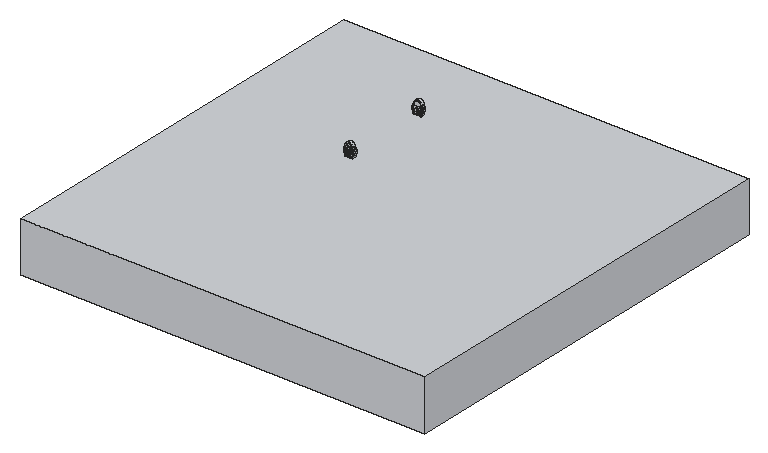
Revit family "Trade II", category Обобщенные модели, Revit 2017
Family settings
  Основа = Грань
  Может служить основой для арматурных стержней = Нет
  Размер круглого соединителя = Использовать диаметр
  Тип детали = Нормальный
  При загрузке вырезать с полостями = Нет
  Общий = Нет
  Точка расчета площади = Нет
Parameters
  Расстояние от светильника до плоскости = Расстояние до плоскости + 76 mm  # 426 mm
  Расстояние до плоскости = 350 mm
  Default Elevation = 1219.2 mm
  Начало профиля = 249.976 mm
  Конец профиля = 250.024 mm
Reference planes
  plane 1 "По центру (Вперед/Назад)": y = 0
  plane 2: z = 0
  plane 3 "По центру (Влево/Вправо)": x = 0
  plane 4 "Плоскость низа светильника": z = 350
Forms (mm)
  Extrusion 1, solid
    sketch origin (0, 0, 0) x (1, 0, 0) y (0, 1, 0)
      loop
        line (-1219.2, 1219.2) -> (-1219.2, -1219.2) -> (1219.2, -1219.2) -> (1219.2, 1219.2) -> (-1219.2, 1219.2)
    from 0 to -304.8
  Extrusion 2, solid
    sketch origin (0, -398.223, 350) x (0, -1, 0) y (1, 0, 0)
      loop
        line (-148.236, -5.649) -> (-130.236, -5.649) -> (-130.236, 5.625) -> (-148.236, 5.625) -> (-148.236, -5.649)
      loop
        line (-648.236, 5.625) -> (-666.236, 5.625) -> (-666.236, -5.649) -> (-648.236, -5.649) -> (-648.236, 5.625)
    from 0 to -2
  Extrusion 3, solid
    sketch origin (5.625, 268.013, 350) x (-1, 0, 0) y (0, 0, 1)
      loop
        arc (28.697, 49.657) -> (21.525, 65.194) -> (5.63, 71.533) r 23.1
        arc (5.63, 71.533) -> (-10.266, 65.194) -> (-17.438, 49.657) r 23.1
        arc (-17.438, 49.657) -> (-19.62, 45.831) -> (-19.639, 41.427) r 8.666
        arc (-19.639, 41.427) -> (-19.083, 38.06) -> (-21.255, 35.429) r 4.12
        line (-21.255, 35.429) -> (-24.425, 33.883)
        arc (-24.425, 33.883) -> (-25.811, 32.581) -> (-26.322, 30.75) r 3.536
        line (-26.322, 30.75) -> (-26.322, 22.479) -> (-26.322, 14.208)
        arc (-26.322, 14.208) -> (-25.811, 12.377) -> (-24.425, 11.075) r 3.536
        line (-24.425, 11.075) -> (-21.249, 9.534)
        arc (-21.249, 9.534) -> (-19.072, 6.893) -> (-19.641, 3.519) r 4.12
        arc (-19.641, 3.519) -> (-20.809, -0.574) -> (-19.361, -4.575) r 6.919
        arc (-19.361, -4.575) -> (-18.366, -6.977) -> (-15.964, -7.972) r 3.397
        line (-15.964, -7.972) -> (0.973, -7.972)
        arc (0.973, -7.972) -> (1.694, -7.673) -> (1.993, -6.952) r 1.02
        line (1.993, -6.952) -> (1.993, -2) -> (-0.007, -2) -> (-0.007, -5.972) -> (-15.964, -5.972)
        arc (-15.964, -5.972) -> (-16.714, -5.754) -> (-17.229, -5.168) r 1.397
        arc (-17.229, -5.168) -> (-17.414, -4.504) -> (-17.37, -3.815) r 2.071
        arc (-17.37, -3.815) -> (-18.79, -0.816) -> (-17.982, 2.402) r 4.919
        arc (-17.982, 2.402) -> (-17.141, 7.413) -> (-20.375, 11.333) r 6.12
        line (-20.375, 11.333) -> (-23.519, 12.859)
        arc (-23.519, 12.859) -> (-24.106, 13.423) -> (-24.322, 14.208) r 1.536
        line (-24.322, 14.208) -> (-24.322, 22.479) -> (-24.322, 30.75)
        arc (-24.322, 30.75) -> (-24.106, 31.536) -> (-23.518, 32.1) r 1.536
        line (-23.518, 32.1) -> (-20.378, 33.631)
        arc (-20.378, 33.631) -> (-17.207, 37.349) -> (-17.768, 42.204) r 6.12
        arc (-17.768, 42.204) -> (-17.537, 45.801) -> (-15.468, 48.752) r 6.666
        arc (-15.468, 48.752) -> (-9.177, 63.465) -> (5.63, 69.533) r 21.1
        arc (5.63, 69.533) -> (20.437, 63.465) -> (26.728, 48.752) r 21.1
        arc (26.728, 48.752) -> (28.797, 45.801) -> (29.028, 42.204) r 6.666
        arc (29.028, 42.204) -> (28.466, 37.349) -> (31.638, 33.631) r 6.12
        line (31.638, 33.631) -> (34.778, 32.1)
        arc (34.778, 32.1) -> (35.366, 31.536) -> (35.582, 30.75) r 1.536
        line (35.582, 30.75) -> (35.582, 22.479) -> (35.582, 14.208)
        arc (35.582, 14.208) -> (35.366, 13.423) -> (34.779, 12.859) r 1.536
        line (34.779, 12.859) -> (31.635, 11.333)
        arc (31.635, 11.333) -> (28.401, 7.413) -> (29.242, 2.402) r 6.12
        arc (29.242, 2.402) -> (30.05, -0.816) -> (28.63, -3.815) r 4.919
        arc (28.63, -3.815) -> (28.674, -4.504) -> (28.489, -5.168) r 2.071
        arc (28.489, -5.168) -> (27.974, -5.754) -> (27.224, -5.972) r 1.397
        line (27.224, -5.972) -> (11.267, -5.972) -> (11.267, -2) -> (9.267, -2) -> (9.267, -6.952)
        arc (9.267, -6.952) -> (9.566, -7.673) -> (10.287, -7.972) r 1.02
        line (10.287, -7.972) -> (27.224, -7.972)
        arc (27.224, -7.972) -> (29.626, -6.977) -> (30.621, -4.575) r 3.397
        arc (30.621, -4.575) -> (32.069, -0.574) -> (30.901, 3.519) r 6.919
        arc (30.901, 3.519) -> (30.332, 6.893) -> (32.509, 9.534) r 4.12
        line (32.509, 9.534) -> (35.685, 11.075)
        arc (35.685, 11.075) -> (37.071, 12.377) -> (37.582, 14.208) r 3.536
        line (37.582, 14.208) -> (37.582, 22.479) -> (37.582, 30.75)
        arc (37.582, 30.75) -> (37.071, 32.581) -> (35.685, 33.883) r 3.536
        line (35.685, 33.883) -> (32.515, 35.429)
        arc (32.515, 35.429) -> (30.343, 38.06) -> (30.899, 41.427) r 4.12
        arc (30.899, 41.427) -> (30.88, 45.831) -> (28.697, 49.657) r 8.666
    from 0 to -18
  Extrusion 4, solid
    sketch origin (5.625, 250.013, 350) x (1, 0, 0) y (0, 0, 1)
      loop
        line (15.644, 22.479) -> (15.644, 27.454)
        arc (15.644, 27.454) -> (15.416, 28.602) -> (14.765, 29.576) r 3
        line (14.765, 29.576) -> (8.99, 35.35)
        arc (8.99, 35.35) -> (8.017, 36.001) -> (6.869, 36.229) r 3
        line (6.869, 36.229) -> (0.949, 36.229)
        arc (0.949, 36.229) -> (-1.526, 35.204) -> (-2.551, 32.729) r 3.5
        line (-2.551, 32.729) -> (-2.551, 22.479) -> (-2.551, 12.229)
        arc (-2.551, 12.229) -> (-1.526, 9.754) -> (0.949, 8.729) r 3.5
        line (0.949, 8.729) -> (6.869, 8.729)
        arc (6.869, 8.729) -> (8.017, 8.957) -> (8.99, 9.608) r 3
        line (8.99, 9.608) -> (14.765, 15.382)
        arc (14.765, 15.382) -> (15.416, 16.356) -> (15.644, 17.504) r 3
        line (15.644, 17.504) -> (15.644, 22.479)
      loop
        line (7.445, 30.435) -> (0.889, 30.435) -> (0.889, 27.559) -> (7.445, 27.559) -> (7.445, 30.435)
      loop
        line (7.445, 14.523) -> (7.445, 17.399) -> (0.889, 17.399) -> (0.889, 14.523) -> (7.445, 14.523)
      loop
        line (12.774, 21.041) -> (12.774, 23.917) -> (6.218, 23.917) -> (6.218, 21.041) -> (12.774, 21.041)
      loop
        line (-26.918, 22.479) -> (-26.918, 17.504)
        arc (-26.918, 17.504) -> (-26.689, 16.356) -> (-26.039, 15.382) r 3
        line (-26.039, 15.382) -> (-20.264, 9.608)
        arc (-20.264, 9.608) -> (-19.291, 8.957) -> (-18.143, 8.729) r 3
        line (-18.143, 8.729) -> (-12.223, 8.729)
        arc (-12.223, 8.729) -> (-9.748, 9.754) -> (-8.723, 12.229) r 3.5
        line (-8.723, 12.229) -> (-8.723, 22.479) -> (-8.723, 32.729)
        arc (-8.723, 32.729) -> (-9.748, 35.204) -> (-12.223, 36.229) r 3.5
        line (-12.223, 36.229) -> (-18.143, 36.229)
        arc (-18.143, 36.229) -> (-19.291, 36.001) -> (-20.264, 35.35) r 3
        line (-20.264, 35.35) -> (-26.039, 29.576)
        arc (-26.039, 29.576) -> (-26.689, 28.602) -> (-26.918, 27.454) r 3
        line (-26.918, 27.454) -> (-26.918, 22.479)
      loop
        line (-18.719, 30.435) -> (-18.719, 27.559) -> (-12.163, 27.559) -> (-12.163, 30.435) -> (-18.719, 30.435)
      loop
        line (-18.719, 14.523) -> (-12.163, 14.523) -> (-12.163, 17.399) -> (-18.719, 17.399) -> (-18.719, 14.523)
      loop
        line (-24.048, 21.041) -> (-17.491, 21.041) -> (-17.491, 23.917) -> (-24.048, 23.917) -> (-24.048, 21.041)
    from 0 to -15
  Extrusion 5, solid
    sketch origin (5.625, 250.013, 350) x (1, 0, 0) y (0, 0, 1)
      loop
        arc (15.461, 48.752) -> (9.17, 63.465) -> (-5.637, 69.533) r 21.1
        arc (-5.637, 69.533) -> (-20.444, 63.465) -> (-26.734, 48.752) r 21.1
        arc (-26.734, 48.752) -> (-28.804, 45.801) -> (-29.035, 42.204) r 6.666
        arc (-29.035, 42.204) -> (-28.473, 37.349) -> (-31.645, 33.631) r 6.12
        line (-31.645, 33.631) -> (-34.785, 32.1)
        arc (-34.785, 32.1) -> (-35.373, 31.536) -> (-35.589, 30.75) r 1.536
        line (-35.589, 30.75) -> (-35.589, 22.479) -> (-35.589, 14.208)
        arc (-35.589, 14.208) -> (-35.373, 13.423) -> (-34.786, 12.859) r 1.536
        line (-34.786, 12.859) -> (-31.642, 11.333)
        arc (-31.642, 11.333) -> (-28.408, 7.413) -> (-29.249, 2.402) r 6.12
        arc (-29.249, 2.402) -> (-30.057, -0.816) -> (-28.637, -3.815) r 4.919
        arc (-28.637, -3.815) -> (-28.681, -4.504) -> (-28.496, -5.168) r 2.071
        arc (-28.496, -5.168) -> (-27.981, -5.754) -> (-27.231, -5.972) r 1.397
        line (-27.231, -5.972) -> (-11.274, -5.972) -> (-11.274, 0) -> (-5.637, 0) -> (0, 0) -> (0, -5.972) -> (15.957, -5.972)
        arc (15.957, -5.972) -> (16.707, -5.754) -> (17.222, -5.168) r 1.397
        arc (17.222, -5.168) -> (17.407, -4.504) -> (17.363, -3.815) r 2.071
        arc (17.363, -3.815) -> (18.783, -0.816) -> (17.975, 2.402) r 4.919
        arc (17.975, 2.402) -> (17.134, 7.413) -> (20.368, 11.333) r 6.12
        line (20.368, 11.333) -> (23.512, 12.859)
        arc (23.512, 12.859) -> (24.099, 13.423) -> (24.315, 14.208) r 1.536
        line (24.315, 14.208) -> (24.315, 22.479) -> (24.315, 30.75)
        arc (24.315, 30.75) -> (24.099, 31.536) -> (23.511, 32.1) r 1.536
        line (23.511, 32.1) -> (20.371, 33.631)
        arc (20.371, 33.631) -> (17.2, 37.349) -> (17.761, 42.204) r 6.12
        arc (17.761, 42.204) -> (17.53, 45.801) -> (15.461, 48.752) r 6.666
    from 0 to -1
  Extrusion 6, solid
    sketch origin (-5.649, -267.987, 350) x (1, 0, 0) y (0, 0, 1)
      loop
        arc (-17.424, 49.657) -> (-19.606, 45.831) -> (-19.625, 41.427) r 8.666
        arc (-19.625, 41.427) -> (-19.069, 38.06) -> (-21.241, 35.429) r 4.12
        line (-21.241, 35.429) -> (-24.411, 33.883)
        arc (-24.411, 33.883) -> (-25.797, 32.581) -> (-26.308, 30.75) r 3.536
        line (-26.308, 30.75) -> (-26.308, 22.479) -> (-26.308, 14.208)
        arc (-26.308, 14.208) -> (-25.797, 12.377) -> (-24.411, 11.075) r 3.536
        line (-24.411, 11.075) -> (-21.236, 9.534)
        arc (-21.236, 9.534) -> (-19.059, 6.893) -> (-19.627, 3.519) r 4.12
        arc (-19.627, 3.519) -> (-20.796, -0.574) -> (-19.347, -4.575) r 6.919
        arc (-19.347, -4.575) -> (-18.352, -6.977) -> (-15.951, -7.972) r 3.397
        line (-15.951, -7.972) -> (0.987, -7.972)
        arc (0.987, -7.972) -> (1.708, -7.673) -> (2.007, -6.952) r 1.02
        line (2.007, -6.952) -> (2.007, -2) -> (0.007, -2) -> (0.007, -5.972) -> (-15.951, -5.972)
        arc (-15.951, -5.972) -> (-16.7, -5.754) -> (-17.215, -5.168) r 1.397
        arc (-17.215, -5.168) -> (-17.4, -4.504) -> (-17.356, -3.815) r 2.071
        arc (-17.356, -3.815) -> (-18.776, -0.816) -> (-17.968, 2.402) r 4.919
        arc (-17.968, 2.402) -> (-17.127, 7.413) -> (-20.361, 11.333) r 6.12
        line (-20.361, 11.333) -> (-23.505, 12.859)
        arc (-23.505, 12.859) -> (-24.092, 13.423) -> (-24.308, 14.208) r 1.536
        line (-24.308, 14.208) -> (-24.308, 22.479) -> (-24.308, 30.75)
        arc (-24.308, 30.75) -> (-24.092, 31.536) -> (-23.504, 32.1) r 1.536
        line (-23.504, 32.1) -> (-20.364, 33.631)
        arc (-20.364, 33.631) -> (-17.193, 37.349) -> (-17.754, 42.204) r 6.12
        arc (-17.754, 42.204) -> (-17.523, 45.801) -> (-15.454, 48.752) r 6.666
        arc (-15.454, 48.752) -> (-9.163, 63.465) -> (5.644, 69.533) r 21.1
        arc (5.644, 69.533) -> (20.451, 63.465) -> (26.741, 48.752) r 21.1
        arc (26.741, 48.752) -> (28.811, 45.801) -> (29.042, 42.204) r 6.666
        arc (29.042, 42.204) -> (28.48, 37.349) -> (31.652, 33.631) r 6.12
        line (31.652, 33.631) -> (34.792, 32.1)
        arc (34.792, 32.1) -> (35.38, 31.536) -> (35.596, 30.75) r 1.536
        line (35.596, 30.75) -> (35.596, 22.479) -> (35.596, 14.208)
        arc (35.596, 14.208) -> (35.38, 13.423) -> (34.793, 12.859) r 1.536
        line (34.793, 12.859) -> (31.649, 11.333)
        arc (31.649, 11.333) -> (28.415, 7.413) -> (29.256, 2.402) r 6.12
        arc (29.256, 2.402) -> (30.064, -0.816) -> (28.644, -3.815) r 4.919
        arc (28.644, -3.815) -> (28.688, -4.504) -> (28.503, -5.168) r 2.071
        arc (28.503, -5.168) -> (27.988, -5.754) -> (27.238, -5.972) r 1.397
        line (27.238, -5.972) -> (11.281, -5.972) -> (11.281, -2) -> (9.281, -2) -> (9.281, -6.952)
        arc (9.281, -6.952) -> (9.579, -7.673) -> (10.301, -7.972) r 1.02
        line (10.301, -7.972) -> (27.238, -7.972)
        arc (27.238, -7.972) -> (29.64, -6.977) -> (30.635, -4.575) r 3.397
        arc (30.635, -4.575) -> (32.083, -0.574) -> (30.915, 3.519) r 6.919
        arc (30.915, 3.519) -> (30.346, 6.893) -> (32.523, 9.534) r 4.12
        line (32.523, 9.534) -> (35.699, 11.075)
        arc (35.699, 11.075) -> (37.085, 12.377) -> (37.596, 14.208) r 3.536
        line (37.596, 14.208) -> (37.596, 22.479) -> (37.596, 30.75)
        arc (37.596, 30.75) -> (37.085, 32.581) -> (35.699, 33.883) r 3.536
        line (35.699, 33.883) -> (32.529, 35.429)
        arc (32.529, 35.429) -> (30.357, 38.06) -> (30.913, 41.427) r 4.12
        arc (30.913, 41.427) -> (30.894, 45.831) -> (28.711, 49.657) r 8.666
        arc (28.711, 49.657) -> (21.539, 65.194) -> (5.644, 71.533) r 23.1
        arc (5.644, 71.533) -> (-10.252, 65.194) -> (-17.424, 49.657) r 23.1
    from 0 to -18
  Extrusion 7, solid
    sketch origin (-5.649, -249.987, 350) x (1, 0, 0) y (0, 0, -1)
      loop
        line (11.281, 5.972) -> (11.274, 2) -> (11.274, 0) -> (0, 0) -> (0.007, 2) -> (0.007, 5.972) -> (-15.951, 5.972)
        arc (-15.951, 5.972) -> (-16.7, 5.754) -> (-17.215, 5.168) r 1.397
        arc (-17.215, 5.168) -> (-17.4, 4.504) -> (-17.356, 3.815) r 2.071
        arc (-17.356, 3.815) -> (-18.776, 0.816) -> (-17.968, -2.402) r 4.919
        arc (-17.968, -2.402) -> (-17.127, -7.413) -> (-20.361, -11.333) r 6.12
        line (-20.361, -11.333) -> (-23.505, -12.859)
        arc (-23.505, -12.859) -> (-24.092, -13.423) -> (-24.308, -14.208) r 1.536
        line (-24.308, -14.208) -> (-24.308, -22.479) -> (-24.308, -30.75)
        arc (-24.308, -30.75) -> (-24.092, -31.536) -> (-23.504, -32.1) r 1.536
        line (-23.504, -32.1) -> (-20.364, -33.631)
        arc (-20.364, -33.631) -> (-17.193, -37.349) -> (-17.754, -42.204) r 6.12
        arc (-17.754, -42.204) -> (-17.523, -45.801) -> (-15.454, -48.752) r 6.666
        arc (-15.454, -48.752) -> (-9.163, -63.465) -> (5.644, -69.533) r 21.1
        arc (5.644, -69.533) -> (20.451, -63.465) -> (26.741, -48.752) r 21.1
        arc (26.741, -48.752) -> (28.811, -45.801) -> (29.042, -42.204) r 6.666
        arc (29.042, -42.204) -> (28.48, -37.349) -> (31.652, -33.631) r 6.12
        line (31.652, -33.631) -> (34.792, -32.1)
        arc (34.792, -32.1) -> (35.38, -31.536) -> (35.596, -30.75) r 1.536
        line (35.596, -30.75) -> (35.596, -22.479) -> (35.596, -14.208)
        arc (35.596, -14.208) -> (35.38, -13.423) -> (34.793, -12.859) r 1.536
        line (34.793, -12.859) -> (31.649, -11.333)
        arc (31.649, -11.333) -> (28.415, -7.413) -> (29.256, -2.402) r 6.12
        arc (29.256, -2.402) -> (30.064, 0.816) -> (28.644, 3.815) r 4.919
        arc (28.644, 3.815) -> (28.688, 4.504) -> (28.503, 5.168) r 2.071
        arc (28.503, 5.168) -> (27.988, 5.754) -> (27.238, 5.972) r 1.397
        line (27.238, 5.972) -> (11.281, 5.972)
    from 0 to -1
  Extrusion 8, solid
    sketch origin (-5.649, -267.987, 350) x (1, 0, 0) y (0, 0, 1)
      loop
        line (-15.644, 22.479) -> (-15.644, 17.504)
        arc (-15.644, 17.504) -> (-15.416, 16.356) -> (-14.765, 15.382) r 3
        line (-14.765, 15.382) -> (-8.99, 9.608)
        arc (-8.99, 9.608) -> (-8.017, 8.957) -> (-6.869, 8.729) r 3
        line (-6.869, 8.729) -> (-0.949, 8.729)
        arc (-0.949, 8.729) -> (1.526, 9.754) -> (2.551, 12.229) r 3.5
        line (2.551, 12.229) -> (2.551, 22.479) -> (2.551, 32.729)
        arc (2.551, 32.729) -> (1.526, 35.204) -> (-0.949, 36.229) r 3.5
        line (-0.949, 36.229) -> (-6.869, 36.229)
        arc (-6.869, 36.229) -> (-8.017, 36.001) -> (-8.99, 35.35) r 3
        line (-8.99, 35.35) -> (-14.765, 29.576)
        arc (-14.765, 29.576) -> (-15.416, 28.602) -> (-15.644, 27.454) r 3
        line (-15.644, 27.454) -> (-15.644, 22.479)
      loop
        arc (-6.778, 34.029) -> (-7.168, 33.951) -> (-7.499, 33.73) r 1.021
        line (-7.499, 33.73) -> (-13.103, 28.126)
        arc (-13.103, 28.126) -> (-13.355, 27.749) -> (-13.444, 27.304) r 1.162
        line (-13.444, 27.304) -> (-13.444, 22.479) -> (-13.444, 17.654)
        arc (-13.444, 17.654) -> (-13.355, 17.209) -> (-13.103, 16.832) r 1.162
        line (-13.103, 16.832) -> (-7.499, 11.228)
        arc (-7.499, 11.228) -> (-7.168, 11.007) -> (-6.778, 10.929) r 1.021
        line (-6.778, 10.929) -> (-0.949, 10.929)
        arc (-0.949, 10.929) -> (-0.03, 11.31) -> (0.351, 12.229) r 1.3
        line (0.351, 12.229) -> (0.351, 22.479) -> (0.351, 32.729)
        arc (0.351, 32.729) -> (-0.03, 33.648) -> (-0.949, 34.029) r 1.3
        line (-0.949, 34.029) -> (-6.778, 34.029)
      loop
        line (26.918, 22.479) -> (26.918, 27.454)
        arc (26.918, 27.454) -> (26.689, 28.602) -> (26.039, 29.576) r 3
        line (26.039, 29.576) -> (20.264, 35.35)
        arc (20.264, 35.35) -> (19.291, 36.001) -> (18.143, 36.229) r 3
        line (18.143, 36.229) -> (12.223, 36.229)
        arc (12.223, 36.229) -> (9.748, 35.204) -> (8.723, 32.729) r 3.5
        line (8.723, 32.729) -> (8.723, 22.479) -> (8.723, 12.229)
        arc (8.723, 12.229) -> (9.748, 9.754) -> (12.223, 8.729) r 3.5
        line (12.223, 8.729) -> (18.143, 8.729)
        arc (18.143, 8.729) -> (19.291, 8.957) -> (20.264, 9.608) r 3
        line (20.264, 9.608) -> (26.039, 15.382)
        arc (26.039, 15.382) -> (26.689, 16.356) -> (26.918, 17.504) r 3
        line (26.918, 17.504) -> (26.918, 22.479)
      loop
        line (18.051, 34.029) -> (12.223, 34.029)
        arc (12.223, 34.029) -> (11.303, 33.648) -> (10.923, 32.729) r 1.3
        line (10.923, 32.729) -> (10.923, 22.479) -> (10.923, 12.229)
        arc (10.923, 12.229) -> (11.303, 11.31) -> (12.223, 10.929) r 1.3
        line (12.223, 10.929) -> (18.051, 10.929)
        arc (18.051, 10.929) -> (18.442, 11.007) -> (18.773, 11.228) r 1.021
        line (18.773, 11.228) -> (24.377, 16.832)
        arc (24.377, 16.832) -> (24.629, 17.209) -> (24.718, 17.654) r 1.162
        line (24.718, 17.654) -> (24.718, 22.479) -> (24.718, 27.304)
        arc (24.718, 27.304) -> (24.629, 27.749) -> (24.377, 28.126) r 1.162
        line (24.377, 28.126) -> (18.773, 33.73)
        arc (18.773, 33.73) -> (18.442, 33.951) -> (18.051, 34.029) r 1.021
    from 0 to -15
  Extrusion 9, solid
    sketch origin (-5.649, -267.987, 350) x (1, 0, 0) y (0, 0, 1)
      loop
        line (-11.974, 21.841) -> (-7.018, 21.841) -> (-7.018, 23.117) -> (-11.974, 23.117) -> (-11.974, 21.841)
      loop
        line (-6.645, 16.599) -> (-6.645, 15.323) -> (-1.689, 15.323) -> (-1.689, 16.599) -> (-6.645, 16.599)
      loop
        line (-1.689, 28.359) -> (-1.689, 29.635) -> (-6.645, 29.635) -> (-6.645, 28.359) -> (-1.689, 28.359)
      loop
        line (23.248, 21.841) -> (23.248, 23.117) -> (18.291, 23.117) -> (18.291, 21.841) -> (23.248, 21.841)
      loop
        line (17.919, 16.599) -> (12.963, 16.599) -> (12.963, 15.323) -> (17.919, 15.323) -> (17.919, 16.599)
      loop
        line (12.963, 28.359) -> (17.919, 28.359) -> (17.919, 29.635) -> (12.963, 29.635) -> (12.963, 28.359)
    from 0 to -15
Dimensions and locks
  "Расстояние до плоскости": plane 4 "Плоскость низа светильника" to Extrusion 1
  aligned and locked: plane 2 to Extrusion 1
  aligned and locked: level to Extrusion 1
Automatic sketch dimensions
  Extrusion 1 sketch curve to Extrusion 1 sketch curve = 2438.4 mm  (x2)
  plane 3 "По центру (Влево/Вправо)" to Extrusion 2 sketch curve = 5.625 mm  (x2)
  Extrusion 2 sketch curve to plane 1 "По центру (Вперед/Назад)" = 268.013 mm
  Extrusion 2 sketch curve to plane 3 "По центру (Влево/Вправо)" = 5.649 mm  (x2)
  Extrusion 2 sketch curve to Extrusion 2 sketch curve = 18 mm  (x2)
  plane 1 "По центру (Вперед/Назад)" to Extrusion 2 sketch curve = 249.987 mm
  Extrusion 3 sketch curve to Extrusion 3 sketch curve = 0 mm  (x43)
  Extrusion 3 sketch curve to Extrusion 2 = 0 mm  (x2)
  Extrusion 3 sketch curve to Extrusion 2 = 14.208 mm
  Extrusion 2 to Extrusion 3 sketch curve = 26.322 mm
  Extrusion 3 sketch curve to Extrusion 3 sketch curve = 1.897 mm  (x2)
  Extrusion 3 sketch curve to Extrusion 2 = 11.075 mm  (x2)
  Extrusion 3 sketch curve to Extrusion 3 sketch curve = 2 mm  (x2)
  Extrusion 3 sketch curve to Extrusion 2 = 12.859 mm
  Extrusion 3 sketch curve to Extrusion 3 sketch curve = 0.804 mm
  Extrusion 3 sketch curve to Extrusion 3 sketch curve = 1.364 mm
  Extrusion 3 sketch curve to Extrusion 3 sketch curve = 1.372 mm
  Extrusion 3 sketch curve to Extrusion 3 sketch curve = 0.731 mm  (x2)
  Extrusion 3 sketch curve to Extrusion 3 sketch curve = 3.17 mm
  Extrusion 3 sketch curve to Extrusion 2 = 9.534 mm  (x2)
  Extrusion 3 sketch curve to Extrusion 3 sketch curve = 3.176 mm
  Extrusion 3 sketch curve to Extrusion 3 sketch curve = 0.877 mm  (x2)
  Extrusion 3 sketch curve to Extrusion 2 = 11.333 mm
  Extrusion 3 sketch curve to Extrusion 3 sketch curve = 0.874 mm  (x2)
  Extrusion 3 sketch curve to Extrusion 2 = 2.575 mm
  Extrusion 3 sketch curve to Extrusion 3 sketch curve = 7.088 mm
  Extrusion 3 sketch curve to Extrusion 3 sketch curve = 0.611 mm  (x2)
  Extrusion 2 to Extrusion 3 sketch curve = 0.334 mm  (x2)
  Extrusion 3 sketch curve to Extrusion 3 sketch curve = 1.459 mm  (x2)
  Extrusion 2 to Extrusion 3 sketch curve = 11.248 mm
  Extrusion 2 to Extrusion 3 sketch curve = 0.007 mm
  Extrusion 3 sketch curve to Extrusion 2 = 0.973 mm
  Extrusion 3 sketch curve to Extrusion 2 = 1.993 mm
  Extrusion 3 sketch curve to Extrusion 2 = 5.63 mm
  Extrusion 3 sketch curve to Extrusion 2 = 2.007 mm
  Extrusion 3 sketch curve to Extrusion 2 = 0.987 mm
  Extrusion 3 sketch curve to Extrusion 2 = 0.007 mm
  Extrusion 2 to Extrusion 3 sketch curve = 11.234 mm
  Extrusion 2 to Extrusion 3 sketch curve = 13.881 mm
  Extrusion 3 sketch curve to Extrusion 2 = 2.289 mm
  Extrusion 3 sketch curve to Extrusion 3 sketch curve = 6.48 mm
  Extrusion 3 sketch curve to Extrusion 3 sketch curve = 9.13 mm
  Extrusion 3 sketch curve to Extrusion 3 sketch curve = 2.412 mm
  Extrusion 3 sketch curve to Extrusion 3 sketch curve = 2.408 mm
  Extrusion 3 sketch curve to Extrusion 3 sketch curve = 1.804 mm
  Extrusion 3 sketch curve to Extrusion 3 sketch curve = 1.806 mm
  Extrusion 3 sketch curve to Extrusion 3 sketch curve = 0.732 mm
  Extrusion 3 sketch curve to Extrusion 3 sketch curve = 1.536 mm
  Extrusion 3 sketch curve to Extrusion 3 sketch curve = 0.906 mm
  Extrusion 3 sketch curve to Extrusion 3 sketch curve = 0.907 mm
  Extrusion 3 sketch curve to Extrusion 2 = 3.972 mm
  Extrusion 3 sketch curve to Extrusion 3 sketch curve = 1.683 mm
  Extrusion 3 sketch curve to Extrusion 3 sketch curve = 0.98 mm  (x2)
  Extrusion 3 sketch curve to Extrusion 3 sketch curve = 0.286 mm  (x2)
  Extrusion 3 sketch curve to Extrusion 3 sketch curve = 3.705 mm  (x2)
  Extrusion 3 sketch curve to Extrusion 3 sketch curve = 1.799 mm
  Extrusion 3 sketch curve to Extrusion 3 sketch curve = 8.271 mm  (x4)
  Extrusion 3 sketch curve to Extrusion 3 sketch curve = 1.531 mm  (x2)
  Extrusion 3 sketch curve to Extrusion 3 sketch curve = 1.798 mm  (x2)
  Extrusion 3 sketch curve to Extrusion 3 sketch curve = 3.703 mm  (x2)
  Extrusion 3 sketch curve to Extrusion 3 sketch curve = 4.46 mm  (x2)
  Extrusion 3 sketch curve to Extrusion 3 sketch curve = 4.841 mm
  Extrusion 3 sketch curve to Extrusion 3 sketch curve = 3.422 mm
  Extrusion 3 sketch curve to Extrusion 3 sketch curve = 1.659 mm
  Extrusion 3 sketch curve to Extrusion 3 sketch curve = 1.871 mm
  Extrusion 3 sketch curve to Extrusion 3 sketch curve = 0.331 mm
  Extrusion 3 sketch curve to Extrusion 3 sketch curve = 0.141 mm  (x2)
  Extrusion 3 sketch curve to Extrusion 3 sketch curve = 1.97 mm  (x2)
  Extrusion 3 sketch curve to Extrusion 3 sketch curve = 4.219 mm
  Extrusion 3 to Extrusion 4 sketch curve = 8.664 mm
  Extrusion 4 sketch curve to Extrusion 4 sketch curve = 0.879 mm  (x4)
  Extrusion 4 sketch curve to Extrusion 4 sketch curve = 2.87 mm  (x2)
  Extrusion 4 sketch curve to Extrusion 4 sketch curve = 3 mm  (x2)
  Extrusion 4 sketch curve to Extrusion 4 sketch curve = 5.775 mm  (x2)
  Extrusion 4 sketch curve to Extrusion 4 sketch curve = 5.199 mm  (x4)
  Extrusion 4 sketch curve to Extrusion 4 sketch curve = 2.121 mm  (x5)
  Extrusion 4 sketch curve to Extrusion 4 sketch curve = 0.576 mm  (x2)
  Extrusion 4 sketch curve to Extrusion 4 sketch curve = 1.228 mm  (x2)
  Extrusion 3 to Extrusion 4 sketch curve = 0.956 mm  (x2)
  Extrusion 3 to Extrusion 4 sketch curve = 0.896 mm  (x2)
  Extrusion 3 to Extrusion 4 sketch curve = 0.544 mm
  Extrusion 3 to Extrusion 4 sketch curve = 0.558 mm
  Extrusion 3 to Extrusion 4 sketch curve = 0.882 mm  (x2)
  Extrusion 3 to Extrusion 4 sketch curve = 0.942 mm  (x2)
  Extrusion 3 to Extrusion 4 sketch curve = 6.211 mm
  Extrusion 4 sketch curve to Extrusion 4 sketch curve = 5.92 mm  (x2)
  Extrusion 4 sketch curve to Extrusion 4 sketch curve = 0.13 mm
  Extrusion 3 to Extrusion 4 sketch curve = 10.729 mm  (x2)
  Extrusion 4 sketch curve to Extrusion 4 sketch curve = 2.795 mm  (x4)
  Extrusion 4 sketch curve to Extrusion 4 sketch curve = 0.859 mm  (x2)
  Extrusion 4 sketch curve to Extrusion 4 sketch curve = 2.876 mm  (x6)
  Extrusion 4 sketch curve to Extrusion 4 sketch curve = 3.538 mm  (x4)
  Extrusion 4 sketch curve to Extrusion 4 sketch curve = 1.438 mm  (x2)
  Extrusion 4 sketch curve to Extrusion 4 sketch curve = 5.08 mm  (x3)
  Extrusion 4 sketch curve to Extrusion 4 sketch curve = 3.642 mm
  Extrusion 4 sketch curve to Extrusion 4 sketch curve = 2.295 mm  (x2)
  Extrusion 5 sketch curve to Extrusion 5 sketch curve = 0 mm  (x3)
  Extrusion 5 sketch curve to Extrusion 3 = 0 mm  (x2)
  Extrusion 5 sketch curve to Extrusion 3 = 0.007 mm  (x2)
  Extrusion 5 sketch curve to Extrusion 3 = 0.81 mm
  Extrusion 5 sketch curve to Extrusion 3 = 0.811 mm
  Extrusion 5 sketch curve to Extrusion 3 = 1.268 mm
  Extrusion 5 sketch curve to Extrusion 3 = 1.276 mm
  Extrusion 5 sketch curve to Extrusion 5 sketch curve = 0.731 mm
  Extrusion 5 sketch curve to Extrusion 5 sketch curve = 1.536 mm
  Extrusion 5 sketch curve to Extrusion 5 sketch curve = 3.14 mm
  Extrusion 5 sketch curve to Extrusion 5 sketch curve = 3.144 mm
  Extrusion 5 sketch curve to Extrusion 3 = 8.365 mm
  Extrusion 5 sketch curve to Extrusion 5 sketch curve = 0.611 mm  (x2)
  Extrusion 5 sketch curve to Extrusion 3 = 1.666 mm  (x2)
  Extrusion 5 sketch curve to Extrusion 5 sketch curve = 1.459 mm  (x2)
  Extrusion 5 sketch curve to Extrusion 3 = 11.234 mm
  Extrusion 3 to Extrusion 5 sketch curve = 0.007 mm  (x2)
  Extrusion 5 sketch curve to Extrusion 3 = 3.63 mm  (x2)
  Extrusion 5 sketch curve to Extrusion 3 = 11.248 mm
  Extrusion 5 sketch curve to Extrusion 3 = 10.42 mm
  Extrusion 5 sketch curve to Extrusion 3 = 1.683 mm
  Extrusion 5 sketch curve to Extrusion 3 = 3.94 mm
  Extrusion 5 sketch curve to Extrusion 3 = 3.937 mm
  Extrusion 5 sketch curve to Extrusion 3 = 1.529 mm  (x2)
  Extrusion 5 sketch curve to Extrusion 3 = 1.262 mm
  Extrusion 5 sketch curve to Extrusion 3 = 1.254 mm
  Extrusion 5 sketch curve to Extrusion 3 = 0.797 mm
  Extrusion 5 sketch curve to Extrusion 3 = 0.796 mm
  Extrusion 5 sketch curve to Extrusion 5 sketch curve = 1.397 mm
  Extrusion 5 sketch curve to Extrusion 5 sketch curve = 0.286 mm  (x2)
  Extrusion 5 sketch curve to Extrusion 3 = 2 mm
  Extrusion 5 sketch curve to Extrusion 3 = 7.829 mm  (x2)
  Extrusion 5 sketch curve to Extrusion 5 sketch curve = 5.503 mm  (x2)
  Extrusion 5 sketch curve to Extrusion 5 sketch curve = 1.526 mm  (x2)
  Extrusion 5 sketch curve to Extrusion 5 sketch curve = 8.271 mm  (x4)
  Extrusion 5 sketch curve to Extrusion 5 sketch curve = 1.531 mm  (x2)
  Extrusion 5 sketch curve to Extrusion 5 sketch curve = 5.501 mm  (x2)
  Extrusion 5 sketch curve to Extrusion 5 sketch curve = 4.46 mm  (x2)
  Extrusion 5 sketch curve to Extrusion 5 sketch curve = 4.841 mm
  Extrusion 5 sketch curve to Extrusion 3 = 4.402 mm
  Extrusion 5 sketch curve to Extrusion 5 sketch curve = 5.293 mm
  Extrusion 5 sketch curve to Extrusion 5 sketch curve = 0.141 mm  (x2)
  Extrusion 5 sketch curve to Extrusion 5 sketch curve = 4.219 mm  (x2)
  Extrusion 6 sketch curve to Extrusion 6 sketch curve = 0 mm  (x43)
  Extrusion 6 sketch curve to Extrusion 2 = 0 mm  (x2)
  Extrusion 2 to Extrusion 6 sketch curve = 26.308 mm
  Extrusion 6 sketch curve to Extrusion 6 sketch curve = 1.897 mm  (x2)
  Extrusion 6 sketch curve to Extrusion 2 = 11.075 mm  (x2)
  Extrusion 6 sketch curve to Extrusion 6 sketch curve = 2 mm  (x3)
  Extrusion 6 sketch curve to Extrusion 2 = 12.859 mm
  Extrusion 6 sketch curve to Extrusion 6 sketch curve = 0.803 mm
  Extrusion 6 sketch curve to Extrusion 6 sketch curve = 0.804 mm
  Extrusion 6 sketch curve to Extrusion 6 sketch curve = 1.364 mm
  Extrusion 6 sketch curve to Extrusion 6 sketch curve = 1.372 mm
  Extrusion 6 sketch curve to Extrusion 6 sketch curve = 1.536 mm  (x2)
  Extrusion 6 sketch curve to Extrusion 6 sketch curve = 3.17 mm
  Extrusion 6 sketch curve to Extrusion 2 = 9.534 mm
  Extrusion 6 sketch curve to Extrusion 6 sketch curve = 3.176 mm
  Extrusion 6 sketch curve to Extrusion 6 sketch curve = 0.877 mm  (x2)
  Extrusion 6 sketch curve to Extrusion 2 = 11.333 mm  (x2)
  Extrusion 6 sketch curve to Extrusion 6 sketch curve = 0.874 mm  (x2)
  Extrusion 6 sketch curve to Extrusion 2 = 2.575 mm
  Extrusion 6 sketch curve to Extrusion 6 sketch curve = 7.088 mm
  Extrusion 6 sketch curve to Extrusion 6 sketch curve = 0.611 mm  (x2)
  Extrusion 2 to Extrusion 6 sketch curve = 0.334 mm  (x2)
  Extrusion 6 sketch curve to Extrusion 6 sketch curve = 1.459 mm  (x2)
  Extrusion 2 to Extrusion 6 sketch curve = 11.234 mm
  Extrusion 6 sketch curve to Extrusion 2 = 0.007 mm
  Extrusion 6 sketch curve to Extrusion 2 = 0.987 mm
  Extrusion 6 sketch curve to Extrusion 2 = 5.63 mm
  Extrusion 6 sketch curve to Extrusion 2 = 1.993 mm
  Extrusion 6 sketch curve to Extrusion 2 = 0.973 mm
  Extrusion 2 to Extrusion 6 sketch curve = 0.007 mm
  Extrusion 2 to Extrusion 6 sketch curve = 11.248 mm
  Extrusion 2 to Extrusion 6 sketch curve = 13.895 mm
  Extrusion 6 sketch curve to Extrusion 2 = 2.289 mm
  Extrusion 6 sketch curve to Extrusion 6 sketch curve = 6.48 mm
  Extrusion 6 sketch curve to Extrusion 6 sketch curve = 9.13 mm
  Extrusion 6 sketch curve to Extrusion 6 sketch curve = 2.412 mm
  Extrusion 6 sketch curve to Extrusion 6 sketch curve = 2.408 mm
  Extrusion 6 sketch curve to Extrusion 6 sketch curve = 1.804 mm
  Extrusion 6 sketch curve to Extrusion 6 sketch curve = 1.806 mm
  Extrusion 6 sketch curve to Extrusion 6 sketch curve = 0.731 mm
  Extrusion 6 sketch curve to Extrusion 6 sketch curve = 0.732 mm
  Extrusion 6 sketch curve to Extrusion 6 sketch curve = 0.907 mm
  Extrusion 6 sketch curve to Extrusion 6 sketch curve = 0.906 mm
  Extrusion 6 sketch curve to Extrusion 6 sketch curve = 0.286 mm  (x2)
  Extrusion 6 sketch curve to Extrusion 2 = 3.972 mm
  Extrusion 6 sketch curve to Extrusion 6 sketch curve = 1.397 mm
  Extrusion 6 sketch curve to Extrusion 6 sketch curve = 0.98 mm  (x2)
  Extrusion 6 sketch curve to Extrusion 6 sketch curve = 5.246 mm
  Extrusion 6 sketch curve to Extrusion 6 sketch curve = 3.705 mm
  Extrusion 6 sketch curve to Extrusion 6 sketch curve = 1.799 mm
  Extrusion 6 sketch curve to Extrusion 6 sketch curve = 8.271 mm  (x4)
  Extrusion 6 sketch curve to Extrusion 6 sketch curve = 1.531 mm  (x2)
  Extrusion 6 sketch curve to Extrusion 6 sketch curve = 1.798 mm  (x2)
  Extrusion 6 sketch curve to Extrusion 6 sketch curve = 3.703 mm  (x2)
  Extrusion 6 sketch curve to Extrusion 6 sketch curve = 4.46 mm  (x2)
  Extrusion 6 sketch curve to Extrusion 6 sketch curve = 4.841 mm
  Extrusion 6 sketch curve to Extrusion 6 sketch curve = 3.422 mm
  Extrusion 6 sketch curve to Extrusion 6 sketch curve = 1.659 mm
  Extrusion 6 sketch curve to Extrusion 6 sketch curve = 1.871 mm
  Extrusion 6 sketch curve to Extrusion 6 sketch curve = 0.331 mm
  Extrusion 6 sketch curve to Extrusion 6 sketch curve = 0.141 mm  (x2)
  Extrusion 6 sketch curve to Extrusion 6 sketch curve = 1.97 mm  (x2)
  Extrusion 6 sketch curve to Extrusion 6 sketch curve = 4.219 mm
  Extrusion 7 sketch curve to Extrusion 7 sketch curve = 0 mm  (x4)
  Extrusion 7 sketch curve to Extrusion 2 = 0 mm  (x6)
  Extrusion 2 to Extrusion 7 sketch curve = 0 mm
  Extrusion 2 to Extrusion 7 sketch curve = 11.234 mm
  Extrusion 2 to Extrusion 7 sketch curve = 0.334 mm  (x2)
  Extrusion 2 to Extrusion 7 sketch curve = 13.881 mm
  Extrusion 7 sketch curve to Extrusion 7 sketch curve = 1.459 mm  (x2)
  Extrusion 7 sketch curve to Extrusion 7 sketch curve = 0.611 mm  (x2)
  Extrusion 7 sketch curve to Extrusion 7 sketch curve = 6.48 mm  (x2)
  Extrusion 7 sketch curve to Extrusion 7 sketch curve = 9.13 mm  (x2)
  Extrusion 7 sketch curve to Extrusion 7 sketch curve = 2.408 mm  (x2)
  Extrusion 7 sketch curve to Extrusion 7 sketch curve = 2.412 mm  (x2)
  Extrusion 7 sketch curve to Extrusion 7 sketch curve = 2.678 mm  (x2)
  Extrusion 7 sketch curve to Extrusion 7 sketch curve = 2.683 mm  (x2)
  Extrusion 7 sketch curve to Extrusion 7 sketch curve = 0.731 mm  (x2)
  Extrusion 7 sketch curve to Extrusion 2 = 12.859 mm  (x2)
  Extrusion 7 sketch curve to Extrusion 7 sketch curve = 0.732 mm  (x2)
  Extrusion 7 sketch curve to Extrusion 7 sketch curve = 1.536 mm  (x2)
  Extrusion 7 sketch curve to Extrusion 2 = 0.007 mm  (x2)
  Extrusion 2 to Extrusion 7 sketch curve = 5.63 mm
  Extrusion 7 sketch curve to Extrusion 2 = 11.248 mm
  Extrusion 7 sketch curve to Extrusion 2 = 13.895 mm
  Extrusion 7 sketch curve to Extrusion 7 sketch curve = 8.271 mm  (x4)
  Extrusion 7 sketch curve to Extrusion 7 sketch curve = 1.531 mm  (x2)
  Extrusion 7 sketch curve to Extrusion 7 sketch curve = 5.501 mm  (x2)
  Extrusion 7 sketch curve to Extrusion 7 sketch curve = 4.46 mm  (x2)
  Extrusion 7 sketch curve to Extrusion 7 sketch curve = 4.841 mm
  Extrusion 7 sketch curve to Extrusion 7 sketch curve = 1.526 mm  (x2)
  Extrusion 7 sketch curve to Extrusion 2 = 5.829 mm  (x2)
  Extrusion 7 sketch curve to Extrusion 2 = 2.289 mm  (x2)
  Extrusion 7 sketch curve to Extrusion 7 sketch curve = 0.286 mm  (x2)
  Extrusion 7 sketch curve to Extrusion 2 = 3.972 mm  (x2)
  Extrusion 7 sketch curve to Extrusion 7 sketch curve = 4.219 mm  (x2)
  Extrusion 7 sketch curve to Extrusion 7 sketch curve = 0.141 mm  (x2)
  Extrusion 7 sketch curve to Extrusion 7 sketch curve = 5.293 mm
  Extrusion 8 sketch curve to Extrusion 8 sketch curve = 0 mm  (x14)
  Extrusion 2 to Extrusion 8 sketch curve = 15.644 mm
  Extrusion 8 sketch curve to Extrusion 2 = 15.382 mm
  Extrusion 8 sketch curve to Extrusion 8 sketch curve = 0.879 mm  (x4)
  Extrusion 8 sketch curve to Extrusion 8 sketch curve = 2.2 mm  (x4)
  Extrusion 8 sketch curve to Extrusion 2 = 16.832 mm
  Extrusion 8 sketch curve to Extrusion 8 sketch curve = 0.34 mm  (x2)
  Extrusion 8 sketch curve to Extrusion 8 sketch curve = 0.46 mm  (x4)
  Extrusion 8 sketch curve to Extrusion 8 sketch curve = 0.362 mm  (x4)
  Extrusion 8 sketch curve to Extrusion 8 sketch curve = 5.775 mm  (x3)
  Extrusion 8 sketch curve to Extrusion 2 = 9.608 mm  (x2)
  Extrusion 8 sketch curve to Extrusion 8 sketch curve = 1.491 mm  (x2)
  Extrusion 8 sketch curve to Extrusion 8 sketch curve = 2.121 mm  (x2)
  Extrusion 8 sketch curve to Extrusion 8 sketch curve = 0.722 mm  (x4)
  Extrusion 8 sketch curve to Extrusion 8 sketch curve = 5.829 mm  (x2)
  Extrusion 8 sketch curve to Extrusion 8 sketch curve = 1.3 mm  (x3)
  Extrusion 8 sketch curve to Extrusion 2 = 8.723 mm
  Extrusion 2 to Extrusion 8 sketch curve = 6.778 mm  (x2)
  Extrusion 8 sketch curve to Extrusion 8 sketch curve = 0.091 mm
  Extrusion 2 to Extrusion 8 sketch curve = 6.869 mm
  Extrusion 2 to Extrusion 8 sketch curve = 8.99 mm  (x2)
  Extrusion 2 to Extrusion 8 sketch curve = 12.282 mm  (x2)
  Extrusion 8 sketch curve to Extrusion 8 sketch curve = 0.8 mm
  Extrusion 8 sketch curve to Extrusion 8 sketch curve = 1.662 mm  (x2)
  Extrusion 8 sketch curve to Extrusion 8 sketch curve = 0.299 mm  (x2)
  Extrusion 8 sketch curve to Extrusion 8 sketch curve = 0.672 mm
  Extrusion 8 sketch curve to Extrusion 8 sketch curve = 10.25 mm  (x2)
  Extrusion 8 sketch curve to Extrusion 8 sketch curve = 4.825 mm  (x4)
  Extrusion 8 sketch curve to Extrusion 8 sketch curve = 0.15 mm  (x2)
  Extrusion 8 sketch curve to Extrusion 8 sketch curve = 1.021 mm  (x2)
  Extrusion 8 sketch curve to Extrusion 8 sketch curve = 0.221 mm  (x2)
  Extrusion 2 to Extrusion 9 sketch curve = 11.974 mm
  Extrusion 9 sketch curve to Extrusion 9 sketch curve = 4.957 mm  (x4)
  Extrusion 9 sketch curve to Extrusion 9 sketch curve = 0.372 mm  (x3)
  Extrusion 2 to Extrusion 9 sketch curve = 1.689 mm  (x4)
  Extrusion 2 to Extrusion 9 sketch curve = 17.323 mm
  Extrusion 9 sketch curve to Extrusion 9 sketch curve = 0 mm
  Extrusion 9 sketch curve to Extrusion 9 sketch curve = 1.276 mm  (x6)
  Extrusion 9 sketch curve to Extrusion 9 sketch curve = 5.242 mm  (x4)
